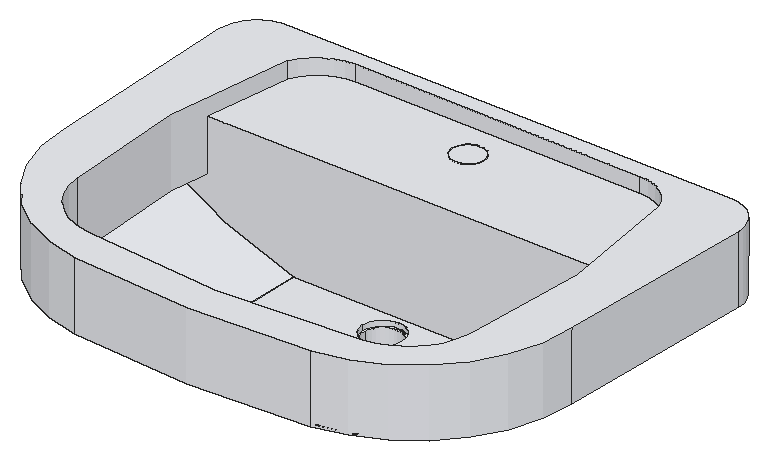
Revit family "Deca_Lavatório de Semi-Encaixe Monte Carlo_L.82", category Plumbing Fixtures, host Face, Revit 2012
Parameters (values of type "L.82.17_Branco Gelo GE17")
  WFU = 0
  Vendido Separadamente = ""
  Variações de COR = "Branco (L.82.17); Creme (L.82.37); Azul (L.82.51); Verde (L.82.60); Cinza (L.82.87); Ébano (L.82..95)."  # constant formula
  URL = "www.deca.com.br/produtos"
  Segmento = "Médio"  # constant formula
  Raio Ponto de Esgoto = 20 mm  # constant formula
  Produto = "Lavatório de semi-encaixe Monte Carlo"  # constant formula
  Peso Liquido (Kg) = 12.9
  Norma = " ABNT NBR 15097-1: 2011 / ABNT NBR 15097-2: 2011 / ABNT NBR 9050:2004"  # constant formula
  Model = Código  # "L.82.17"
  Material = "Deca_Vitreous China"  # constant formula
  Manufacturer = "Deca"  # constant formula
  Louça/Metais = "Louça"  # constant formula
  Linha = "Monte Carlo"  # constant formula
  Lavatório = Deca GE17 Branco Gelo Cerâmica
  Informações Complementares = ""
  Flow Pressure = 0.00 psi
  Diâmetro Ponto de Esgoto = Raio Ponto de Esgoto * 2  # 40 mm
  Description = "Lavatório de semi-encaixe Monte Carlo"  # constant formula
  Default Elevation = 0 mm
  Código = "L.82.17"
  Criado por = "Contino/quattroD"  # constant formula
  Atendimento ao Cliente = "0800-0117073 "  # constant formula
  Assembly Code = "D2010400"
  Aprovado por = "Contino/quattroD"  # constant formula
  Acompanha o Produto = ""
Types (7, lengths in mm): name | Model | Lavatório | Código
  (no name) | "L.82.17" | Deca GE17 Branco Gelo Cerâmica | "L.82.17"
  L.82.17_Branco Gelo GE17 | "L.82.17" | Deca GE17 Branco Gelo Cerâmica | "L.82.17"
  L.82.95_Ébano EB95 | "L.82.95" | Deca EB95 Ébano Cerâmica | "L.82.95"
  L.82.37_Creme CR37 | "L.82.37" | Deca CR37 Creme Cerâmica | "L.82.37"
  L.82.51_Azul AZ51 | "L.82.51" | Deca AZ51 Azul Cerâmica | "L.82.51"
  L.82.60_Verde Malva VD60 | "L.82.60" | Deca VD60 Verde Malva Cerâmica | "L.82.60"
  L.82.87_Cinza Real CZ87 | "L.82.87" | Deca CZ87 Cinza Real Cerâmica | "L.82.87"
Reference planes
  plane 1 "Center (Front/Back)": y = 6.95
  plane 2: z = 0
  plane 3 "Center (Left/Right)": x = 1.048
  plane 4 "Back 2": y = 266.995
  plane 5 "Back 1": y = 91.994
  plane 6 "Front 1": y = -178.037
  plane 7 "Left 1": x = -284.876
  plane 8 "Right 1": x = 286.972
  plane 9 "Top 1": z = 17
  plane 10 "Bottom 1": z = -178
Forms (mm)
  Extrusion 1, void
    sketch origin (0, 0, 40) x (0, -1, 0) y (1, 0, 0)
      loop
        line (-265.95, 245.046) -> (-265.95, -241.745)
        arc (-265.95, -241.745) -> (-254.117, -271.942) -> (-224.198, -284.458) r 41.587
        arc (-224.198, -284.458) -> (-124.027, -280.173) -> (-24.481, -268.208) r 1304.759
        line (-24.481, -268.208) -> (-24.481, 271.509)
        arc (-24.481, 271.509) -> (-124.027, 283.474) -> (-224.198, 287.759) r 1304.759
        arc (-224.198, 287.759) -> (-254.117, 275.243) -> (-265.95, 245.046) r 41.587
    from -180.689 to -40
  Extrusion 2, solid, material "Deca GE17 Branco Gelo Cerâmica" <- "Lavatório"
    sketch origin (0, 0, 40) x (0, -1, 0) y (1, 0, 0)
      loop
        arc (168.063, 130.248) -> (175.817, -0.271) -> (167.595, -130.761) r 1069.977
        arc (167.595, -130.761) -> (109.936, -236.945) -> (-3.552, -278.418) r 170.824
        arc (-3.552, -278.418) -> (-113.36, -282.699) -> (-223.238, -284.443) r 4758.779
        arc (-223.238, -284.443) -> (-253.78, -272.283) -> (-265.95, -241.745) r 41.587
        line (-265.95, -241.745) -> (-265.95, 246.095)
        arc (-265.95, 246.095) -> (-253.668, 274.491) -> (-225.175, 286.548) r 41.587
        arc (-225.175, 286.548) -> (-114.329, 284.822) -> (-3.552, 280.514) r 4758.779
        arc (-3.552, 280.514) -> (110.934, 238.173) -> (167.933, 130.232) r 170.824
      loop
        arc (-248.703, -154.865) -> (-239.779, -184.054) -> (-216.058, -203.263) r 52.199
        arc (-216.058, -203.263) -> (-79.283, -222.68) -> (58.673, -215.435) r 715.127
        arc (58.673, -215.435) -> (103.478, -195.502) -> (125.21, -151.541) r 72.189
        arc (125.21, -151.541) -> (136.638, -0.067) -> (125.514, 151.429) r 1023.131
        arc (125.514, 151.429) -> (104.7, 197.602) -> (58.673, 218.737) r 72.189
        arc (58.673, 218.737) -> (-79.283, 225.981) -> (-216.058, 206.564) r 715.127
        arc (-216.058, 206.564) -> (-239.779, 187.356) -> (-248.703, 158.166) r 52.199
        line (-248.703, 158.166) -> (-248.703, -154.865)
    from -97.639 to -23
  Sweep 3, solid, material "Deca GE17 Branco Gelo Cerâmica" <- "Lavatório"
    path origin (0, 45.976, 40) x (0, -1, 0) y (1, 0, 0)
      loop
        line (-75.677, -218.874) -> (44.323, -218.874)
        arc (44.323, -218.874) -> (116.401, -191.911) -> (153.088, -124.262) r 109.824
        arc (153.088, -124.262) -> (160.795, 0.205) -> (153.088, 124.673) r 1008.977
        arc (153.088, 124.673) -> (116.401, 192.322) -> (44.323, 219.284) r 109.824
        line (44.323, 219.284) -> (-75.677, 219.284)
    profile origin (219.284, 61.653, 40) x (-1, 0, 0) y (0, 0, 1)
      loop
        arc (-56.569, -97.898) -> (17.392, -141.079) -> (97.853, -170.422) r 479.74
        line (97.853, -170.422) -> (97.853, -165.246)
        arc (97.853, -165.246) -> (22.137, -137.774) -> (-47.846, -97.898) r 474.74
        line (-47.846, -97.898) -> (-56.569, -97.898)
  Extrusion 4, solid, material "Deca GE17 Branco Gelo Cerâmica" <- "Lavatório"
    sketch origin (0, 0, 40) x (0, -1, 0) y (1, 0, 0)
      loop
        arc (-216.058, -203.263) -> (-169.128, -212.984) -> (-121.653, -219.539) r 715.127
        line (-121.653, -219.539) -> (-121.653, 222.84)
        arc (-121.653, 222.84) -> (-169.128, 216.285) -> (-216.058, 206.564) r 715.127
        arc (-216.058, 206.564) -> (-239.779, 187.356) -> (-248.703, 158.166) r 52.199
        line (-248.703, 158.166) -> (-248.703, -154.865)
        arc (-248.703, -154.865) -> (-239.779, -184.054) -> (-216.058, -203.263) r 52.199
      loop
        circle (-209.481, 1.048) r 17.5
    from -97.639 to -40
  Extrusion 5, solid, material "Deca GE17 Branco Gelo Cerâmica" <- "Lavatório"
    sketch origin (0, 200, 0) x (-1, 0, 0) y (0, 0, 1)
      loop
        arc (-277.662, -57.639) -> (-202.805, -101.025) -> (-121.432, -130.422) r 485.096
        line (-121.432, -130.422) -> (121.021, -130.422)
        arc (121.021, -130.422) -> (200.972, -100.944) -> (274.361, -57.639) r 474.417
        line (274.361, -57.639) -> (-277.662, -57.639)
    from -78.347 to -73.3
  Extrusion 6, solid, material "Deca GE17 Branco Gelo Cerâmica" <- "Lavatório"
    sketch origin (0, 0, 40) x (0, -1, 0) y (1, 0, 0)
      loop
        circle (-209.481, 1.048) r 17.5
    from -45 to -40
  Extrusion 7, void
    sketch origin (0, -133.338, 0) x (-1, 0, 0) y (0, 0, -1)
      loop
        line (-266.524, 64.976) -> (-266.524, -17) -> (263.223, -17) -> (263.223, 64.976)
        arc (263.223, 64.976) -> (194.671, 103.238) -> (121.021, 130.422) r 505.416
        line (121.021, 130.422) -> (-121.432, 130.422)
        arc (-121.432, 130.422) -> (-196.51, 103.312) -> (-266.524, 64.976) r 517.382
    from -169.746 to -127.819
  Extrusion 8, solid, material "Deca GE17 Branco Gelo Cerâmica" <- "Lavatório"
    sketch origin (0, 0, 0) x (1, 0, 0) y (0, 1, 0)
      loop
        arc (-121.021, 1.653) -> (-118.208, -6.058) -> (-111.089, -10.144) r 11.971
        arc (-111.089, -10.144) -> (0.205, -16.967) -> (111.5, -10.144) r 911.124
        arc (111.5, -10.144) -> (118.618, -6.058) -> (121.432, 1.653) r 11.971
        line (121.432, 1.653) -> (121.432, 121.653) -> (-121.021, 121.653) -> (-121.021, 1.653)
      loop
        circle (1.048, 91.994) r 22.5
    from -130.422 to -125.246
  Extrusion 9, solid, material "Deca GE17 Branco Gelo Cerâmica" <- "Lavatório"
    sketch origin (0, 0, 40) x (0, -1, 0) y (1, 0, 0)
      loop
        circle (-91.994, 1.048) r 20
      loop
        circle (-91.994, 1.048) r 22.499
    from -218 to -170.422
Cuts and joins
  Extrusion 7 cuts Extrusion 4
  Extrusion 7 cuts Extrusion 5
  joined: Extrusion 4, Extrusion 5
Lines and regions (mm)
  Masking region 1
    outline origin (0, 0, 40) x (0, -1, 0) y (1, 0, 0)
      loop
        arc (-266.995, -243.648) -> (-254.919, -272.801) -> (-225.767, -284.876) r 41.227
        arc (-225.767, -284.876) -> (-119.682, -280.196) -> (-14.421, -266.194) r 1204.758
        line (-14.421, -266.194) -> (-6.95, -265.743) -> (-6.95, -275.685)
        arc (-6.95, -275.685) -> (-6.096, -277.852) -> (-3.994, -278.855) r 3.178
        arc (-3.994, -278.855) -> (39.038, -270.028) -> (81.711, -259.599) r 1175.594
        arc (81.711, -259.599) -> (131.618, -233.82) -> (160.815, -185.833) r 103.909
        arc (160.815, -185.833) -> (177.776, 1.048) -> (160.815, 187.929) r 1038.058
        arc (160.815, 187.929) -> (132.381, 237.73) -> (81.711, 264.586) r 102.928
        arc (81.711, 264.586) -> (39.038, 275.015) -> (-3.994, 283.842) r 1175.594
        arc (-3.994, 283.842) -> (-6.096, 282.839) -> (-6.95, 280.672) r 3.178
        line (-6.95, 280.672) -> (-6.95, 270.73) -> (-14.421, 271.181)
        arc (-14.421, 271.181) -> (-119.682, 285.184) -> (-225.767, 289.863) r 1204.758
        arc (-225.767, 289.863) -> (-254.919, 277.788) -> (-266.995, 248.636) r 41.227
        line (-266.995, 248.636) -> (-266.995, -243.648)
      loop
        circle (-209.481, 1.048) r 17.5
  Masking region 2
    outline origin (0, 200, 0) x (-1, 0, 0) y (0, 0, 1)
      loop
        arc (-277.165, 17) -> (-282.035, 15.347) -> (-284.893, 11.071) r 8
        line (-284.893, 11.071) -> (-286.847, 3.776)
        arc (-286.847, 3.776) -> (-286.329, 1.174) -> (-283.949, 0) r 3
        line (-283.949, 0) -> (-267.779, 0) -> (-269.184, -7.211) -> (-280.633, -49.208)
        arc (-280.633, -49.208) -> (-280.41, -54.077) -> (-277.383, -57.898) r 7.939
        arc (-277.383, -57.898) -> (-267.325, -64.744) -> (-257.147, -71.413) r 691.128
        line (-257.147, -71.413) -> (-257.147, -78.878)
        arc (-257.147, -78.878) -> (-255.802, -83.645) -> (-252.611, -87.433) r 11.739
        arc (-252.611, -87.433) -> (-251.416, -88.103) -> (-250.181, -88.697) r 21.592
        arc (-250.181, -88.697) -> (-243.702, -89.75) -> (-237.147, -90.103) r 61.1
        line (-237.147, -90.103) -> (-227.565, -90.103)
        arc (-227.565, -90.103) -> (-133.112, -128.631) -> (-32.695, -146.577) r 485.572
        arc (-32.695, -146.577) -> (-1.03, -149.855) -> (30.611, -146.343) r 149.265
        arc (30.611, -146.343) -> (130.905, -128.732) -> (225.123, -90.103) r 473.92
        line (225.123, -90.103) -> (235.574, -90.103)
        arc (235.574, -90.103) -> (242.129, -89.75) -> (248.608, -88.697) r 61.1
        arc (248.608, -88.697) -> (249.843, -88.103) -> (251.038, -87.433) r 21.592
        arc (251.038, -87.433) -> (254.229, -83.645) -> (255.574, -78.878) r 11.739
        line (255.574, -78.878) -> (255.574, -71.413)
        arc (255.574, -71.413) -> (265.752, -64.745) -> (275.81, -57.898) r 685.925
        arc (275.81, -57.898) -> (278.837, -54.077) -> (279.061, -49.208) r 7.939
        line (279.061, -49.208) -> (267.612, -7.211) -> (266.206, 0) -> (282.377, 0)
        arc (282.377, 0) -> (284.757, 1.174) -> (285.274, 3.776) r 3
        line (285.274, 3.776) -> (283.32, 11.071)
        arc (283.32, 11.071) -> (280.463, 15.347) -> (275.592, 17) r 8
        line (275.592, 17) -> (-277.165, 17)
  Masking region 3
    outline origin (-228.34, 0, 0) x (0, -1, 0) y (0, 0, 1)
      loop
        line (152.866, 17) -> (-258.995, 17)
        arc (-258.995, 17) -> (-264.651, 14.657) -> (-266.995, 9) r 8
        line (-266.995, 9) -> (-266.995, 3)
        arc (-266.995, 3) -> (-266.116, 0.879) -> (-263.995, 0) r 3
        line (-263.995, 0) -> (-14.95, 0)
        arc (-14.95, 0) -> (-9.293, -2.343) -> (-6.95, -8) r 8
        line (-6.95, -8) -> (-6.95, -143.798)
        arc (-6.95, -143.798) -> (-6.019, -145.97) -> (-3.805, -146.795) r 3
        arc (-3.805, -146.795) -> (31.397, -141.291) -> (64.634, -128.457) r 167.267
        arc (64.634, -128.457) -> (120.752, -95.908) -> (173.312, -57.88) r 644.157
        arc (173.312, -57.88) -> (176.446, -54.035) -> (176.711, -49.081) r 8
        line (176.711, -49.081) -> (160.594, 11.071)
        arc (160.594, 11.071) -> (157.736, 15.347) -> (152.866, 17) r 8
  symbolic lines, style "PlumbingFixtures"
    curve 1: line (175.268, 156.994, 40) -> (-170.823, 156.994, 40)
    curve 2: line (-162.987, 253.689, 40) -> (166.43, 253.689, 40)
    curve 33: arc (-255.574, -133.338, -71.413) -> (-241.139, -133.338, -82.046) -> (-225.123, -133.338, -90.103) r 106.34
    curve 34: arc (257.147, -133.338, -71.413) -> (243.793, -133.338, -83.032) -> (227.565, -133.338, -90.103) r 58.243
  symbolic lines
    curve 3: arc (-162.987, 253.689, 40) -> (-190.079, 246.161, 40) -> (-208.84, 225.217, 40) r 50.064
    curve 4: arc (-208.84, 225.217, 40) -> (-225.321, 81.51, 40) -> (-218.91, -62.997, 40) r 913.449
    curve 5: arc (-218.91, -62.997, 40) -> (-200.807, -102.646, 40) -> (-163.268, -124.794, 40) r 72.637
    curve 6: arc (166.39, 253.627, 40) -> (194.336, 246.523, 40) -> (213.728, 225.184, 40) r 50.064
    curve 7: arc (213.728, 225.184, 40) -> (230.375, 81.501, 40) -> (223.897, -62.997, 40) r 904.208
    curve 8: arc (223.897, -62.997, 40) -> (204.757, -103.488, 40) -> (165.364, -124.794, 40) r 71.902
    curve 9: arc (-163.268, -124.794, 40) -> (1.048, -137.748, 40) -> (165.364, -124.794, 40) r 1048.672
    curve 10: arc (-170.823, 156.994, 40) -> (-204.016, 147.56, 40) -> (-223.246, 118.907, 40) r 50.125
    curve 11: circle (1.048, 91.994, 40) r 30.994 normal (0, 0, 1)
    curve 12: circle (1.048, 91.994, 40) r 22.499 normal (0, 0, 1)
    curve 13: arc (175.268, 156.994, 40) -> (208.462, 147.56, 40) -> (227.691, 118.907, 40) r 50.125
    curve 14: line (280.633, 200, -49.208) -> (-279.061, 200, -49.208)
    curve 15: line (-275.81, 200, -57.898) -> (277.383, 200, -57.898)
    curve 16: line (-228.34, -176.711, -49.081) -> (-228.34, 6.95, -49.081)
    curve 17: line (-228.34, -173.312, -57.88) -> (-228.34, 6.95, -57.88)
  symbolic lines, style "PlumbingFixturesHiddenLines"
    curve 18: arc (-228.34, 246.995, -3) -> (-228.34, 247.873, -0.879) -> (-228.34, 249.995, 0) r 3
    curve 19: line (-228.34, 246.995, -3) -> (-228.34, 246.995, -80.103)
    curve 20: arc (-228.34, 246.995, -80.103) -> (-228.34, 243.622, -87.592) -> (-228.34, 235.779, -90.029) r 10
    curve 21: line (-228.34, 235.779, -90.029) -> (-228.34, 12.448, -62.673)
    curve 22: arc (-228.34, 11.359, -62.54) -> (-228.34, 8.987, -63.288) -> (-228.34, 7.995, -65.569) r 3
    curve 23: arc (-228.34, 162.069, -96.001) -> (-228.34, 170.455, -86.212) -> (-228.34, 183.071, -83.573) r 20
    curve 24: arc (-228.34, 162.069, -96.001) -> (-228.34, 147.374, -114.858) -> (-228.34, 124.879, -122.953) r 43
    curve 25: line (-228.34, 121.995, -178) -> (-228.34, 124.879, -122.953)
    curve 26: line (-228.34, 61.995, -178) -> (-228.34, 121.995, -178)
    curve 27: arc (-228.34, 7.995, -117.362) -> (-228.34, 9.264, -114.912) -> (-228.34, 11.998, -114.535) r 3
    curve 28: line (-284.876, 59.075, -122.288) -> (-284.876, 61.995, -178)
    curve 29: arc (-228.34, 124.879, -122.953) -> (-228.34, 91.986, -121.733) -> (-228.34, 59.075, -122.288) r 610.1
    curve 30: arc (-228.34, 59.075, -122.288) -> (-228.34, 35.365, -119.454) -> (-228.34, 11.998, -114.535) r 269.92
    curve 35: line (-31.04, 266.995, -178) -> (33.136, 266.995, -178)
    curve 36: line (33.136, 266.995, -178) -> (33.136, 266.995, -146.314)
    curve 37: line (-31.04, 266.995, -178) -> (-31.04, 266.995, -146.314)
  model lines
    curve 31: line (1.048, 226.981, 0) -> (1.048, 191.981, 0)
    curve 32: line (-16.452, 209.481, 0) -> (18.548, 209.481, 0)
Dimensions and locks
  plane 6 "Front 1" to plane 1 "Center (Front/Back)" to plane 4 "Back 2" = 184.987 mm, 260.045 mm
  plane 6 "Front 1" to plane 4 "Back 2" = 445.032 mm  (x2)
  plane 7 "Left 1" to plane 8 "Right 1" = 571.848 mm  (x2)
  plane 9 "Top 1" to host face to plane 10 "Bottom 1" = 17 mm, 178 mm
  plane 9 "Top 1" to plane 10 "Bottom 1" = 195 mm
  plane 10 "Bottom 1" to host face to plane 9 "Top 1" = 178 mm, 17 mm
  plane 10 "Bottom 1" to plane 9 "Top 1" = 195 mm
  aligned and locked: host face to plane 2
  aligned and locked: level to host face
Connectors
  piping at (1.048, 91.994, -130.422), driven by "Raio Ponto de Esgoto", driven by "WFU", driven by "Flow Pressure"
    settings: on Extrusion 8, index 1, connector radius 0.7874", flow factor 0, pipe flow 0 GPM, pressure drop 0.00 psi, fitting loss kfactor 0, connector angle 0.00°, fixture units 0, engagement length 0 mm, flow configuration 3, flow direction 2, fitting loss method 0, system type 16, joint type 0, gender type 0, connector reference index -1, connector utility 0, adjustable connector no, is connector primary yes, fitting loss table "", connector description ""
